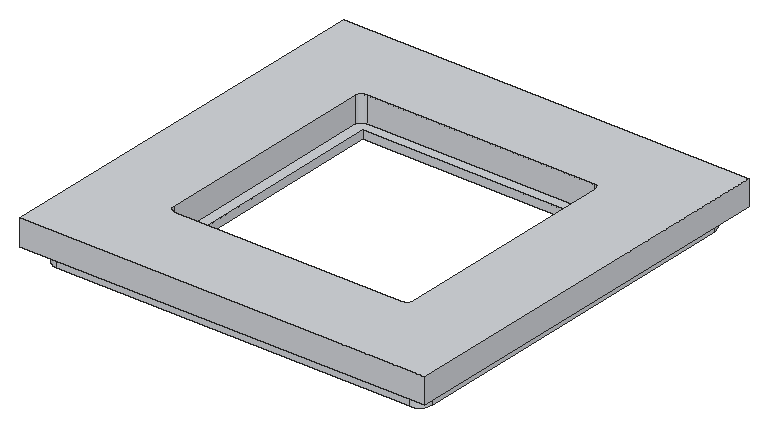
Revit family "Gira_0211220", category Electrical Fixtures, host Face, Revit 2017
Family settings
  Host = Face
  Maintain Annotation Orientation = No
  Round Connector Dimension = Use Diameter
  Part Type = Normal
  Cut with Voids When Loaded = No
  Shared = No
  Room Calculation Point = No
Parameters (values of type "Cov.fr. 1-g Gira Esprit Lin.pwd.light grey")
  With mounting grid = "No"
  With hinged lid = "No"
  URL = "http://katalog.gira.de/en/datenblatt.html?artikelnr=0211220"
  Type of fastening = "Clamp mounting"
  Transparent = "No"
  Surface protection = "Other"
  Suitable for wall duct = "No"
  Suitable for flush-mounted installation = "Yes"
  Suitable for floor box = "No"
  Suitable for built-in installation = "No"
  Number of units vertical = "1"
  Number of units horizontal = "1"
  Number of units = "1"
  Name = "Cov.fr. 1-g Gira Esprit Lin.pwd.light grey"
  Mounting direction = "Horizontal and vertical"
  Material quality = "Other"
  Material = "Other"
  Manufacturer URL = "https://www.gira.de/"
  Manufacturer = "Gira"
  Label space/information surface = "No"
  Keynote = ""
  HeinzeBIM = "https://bimportal.heinze.de/bim/cov-fr-1-g-gira-esprit-lin-pwd-light-grey/d25e1e181b95a4a6c2ab95f343e0a6bc53630bea"
  Halogen free = "No"
  HAN = "0211220"
  GTIN = "4010337015819"
  Description = "Cov.fr.1g Espr. LPwLg,Gira Esprit cover frame,linoleum-plywood light grey,1-gang,Notes :,- Natural product. Colour deviations are possible.,- NCS value: approx. NCS S 2002-Y"
  Degree of protection (IP) = "IP20"
  Default Elevation = 1219.2 mm
  Data sheet (1) = "https://katalog.gira.de/en/download.html?artikelnr=0211220"
  Colour = "Other"
  Category = "Cover frame for domestic switching devices"
  BIM (1) = "https://media.stage.bim.site/public/gira/36a6b08/Espr._Rahmen_1fach.rfa"
  Available = "No"
Reference planes
  plane 1 "Center (Front/Back)": y = 0
  plane 2: z = 0
  plane 3 "Center (Left/Right)": x = 0
Forms (mm)
  Extrusion 1, solid, detail levels fine
    sketch origin (0, 0, 0) x (1, 0, 0) y (0, 1, 0)
      loop
        line (-47.5, 47.5) -> (-47.5, -47.5) -> (47.5, -47.5) -> (47.5, 47.5) -> (-47.5, 47.5)
      loop
        arc (-28.2, -26.7) -> (-27.761, -27.761) -> (-26.7, -28.2) r 1.5
        line (-26.7, -28.2) -> (26.7, -28.2)
        arc (26.7, -28.2) -> (27.761, -27.761) -> (28.2, -26.7) r 1.5
        line (28.2, -26.7) -> (28.2, 26.7)
        arc (28.2, 26.7) -> (27.761, 27.761) -> (26.7, 28.2) r 1.5
        line (26.7, 28.2) -> (-26.7, 28.2)
        arc (-26.7, 28.2) -> (-27.761, 27.761) -> (-28.2, 26.7) r 1.5
        line (-28.2, 26.7) -> (-28.2, -26.7)
    from 0 to 6
  Extrusion 2, solid, detail levels fine
    sketch origin (0, 0, 0) x (1, 0, 0) y (0, 1, 0)
      loop
        line (-25.7, -25.7) -> (25.7, -25.7) -> (25.7, 25.7) -> (-25.7, 25.7) -> (-25.7, -25.7)
      loop
        arc (-43.1, -41.3) -> (-42.573, -42.573) -> (-41.3, -43.1) r 1.8
        line (-41.3, -43.1) -> (41.3, -43.1)
        arc (41.3, -43.1) -> (42.573, -42.573) -> (43.1, -41.3) r 1.8
        line (43.1, -41.3) -> (43.1, 41.3)
        arc (43.1, 41.3) -> (42.573, 42.573) -> (41.3, 43.1) r 1.8
        line (41.3, 43.1) -> (-41.3, 43.1)
        arc (-41.3, 43.1) -> (-42.573, 42.573) -> (-43.1, 41.3) r 1.8
        line (-43.1, 41.3) -> (-43.1, -41.3)
    from -1.9 to 0
  Extrusion 3, solid, detail levels fine
    sketch origin (0, 0, 0) x (1, 0, 0) y (0, 1, 0)
      loop
        arc (-41.4, 44.4) -> (-43.521, 43.521) -> (-44.4, 41.4) r 3
        line (-44.4, 41.4) -> (-44.4, -41.4)
        arc (-44.4, -41.4) -> (-43.521, -43.521) -> (-41.4, -44.4) r 3
        line (-41.4, -44.4) -> (41.4, -44.4)
        arc (41.4, -44.4) -> (43.521, -43.521) -> (44.4, -41.4) r 3
        line (44.4, -41.4) -> (44.4, 41.4)
        arc (44.4, 41.4) -> (43.521, 43.521) -> (41.4, 44.4) r 3
        line (41.4, 44.4) -> (-41.4, 44.4)
      loop
        line (-43.1, 41.3) -> (-43.1, -41.3)
        arc (-43.1, -41.3) -> (-42.573, -42.573) -> (-41.3, -43.1) r 1.8
        line (-41.3, -43.1) -> (41.3, -43.1)
        arc (41.3, -43.1) -> (42.573, -42.573) -> (43.1, -41.3) r 1.8
        line (43.1, -41.3) -> (43.1, 41.3)
        arc (43.1, 41.3) -> (42.573, 42.573) -> (41.3, 43.1) r 1.8
        line (41.3, 43.1) -> (-41.3, 43.1)
        arc (-41.3, 43.1) -> (-42.573, 42.573) -> (-43.1, 41.3) r 1.8
    from -3.7 to 0
  Extrusion 4, solid, detail levels medium
    sketch origin (0, 0, 0) x (1, 0, 0) y (0, 1, 0)
      loop
        line (-47.5, 47.5) -> (-47.5, -47.5) -> (47.5, -47.5) -> (47.5, 47.5) -> (-47.5, 47.5)
    from 0 to 6
  Extrusion 5, solid, detail levels medium
    sketch origin (0, 0, 0) x (1, 0, 0) y (0, 1, 0)
      loop
        line (-44.4, 44.4) -> (-44.4, -44.4) -> (44.4, -44.4) -> (44.4, 44.4) -> (-44.4, 44.4)
    from -3.7 to 0
  Extrusion 6, solid, detail levels coarse
    sketch origin (0, 0, 0) x (1, 0, 0) y (0, 1, 0)
      loop
        line (-47.5, 47.5) -> (-47.5, -47.5) -> (47.5, -47.5) -> (47.5, 47.5) -> (-47.5, 47.5)
    from -3.7 to 6
Dimensions and locks
  aligned and locked: plane 2 to host face
  aligned and locked: level to host face
